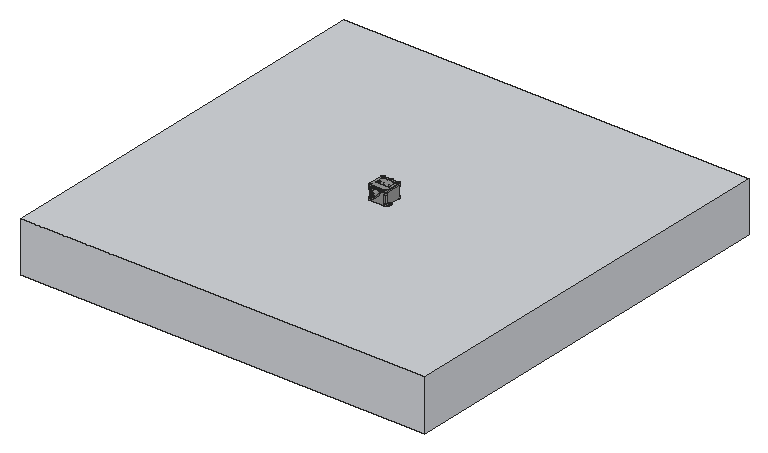
Revit family "Hekatron_Feststellanlagen_HC-100 M-H_DE_22.01", category Brandmelder, Revit 2018
Family settings
  Basisbauteil = Fläche
  Beschriftungsausrichtung beibehalten = Ja
  Bemaßung runder Anschluss = Durchmesser verwenden
  Teiletyp = Normal
  OmniClass-Nummer = 23.85.30.21
  OmniClass-Titel = Environmental Detection/Registration
  Beim Laden mit Abzugskörper schneiden = Nein
  Gemeinsam genutzt = Nein
  Raumberechnungspunkt = Nein
Parameters (values of type "HC-100 M-H")
  Zulässige Umgebungstemperatur = " +20 °C bis +55 °C"
  Zulässige Luftgeschwindigkeit = ""
  Zulassungen nach EN 54 = ""
  Width [instance] = 110 mm
  Version des BIM Objektes = "22.01"
  VdS-Anerkennung = ""
  URL = "https://www.hekatron-brandschutz.de"
  UB A&S Artikel Nummer = "6900329"
  Typenkommentare = "Messfühler Exdetector HC-100 M-H"
  Tiefe (mm) = "110.0"
  Stromaufnahme = ""
  Schutzart = "IP 54"
  Rauchteil einstellbar = ""
  Nettogewicht (g) = ""
  Montageart = "Aufputz"
  Modell = "HC-100 M-H"
  Material = "Edelstahl / Aluminium"
  Link zum Datenblatt = ""
  Link zu ausschreiben.de = "http://www.ausschreiben.de/katalog/Hekatron/position/120"
  Link zu Produktinformation = "https://www.hekatron-planungstools.de/Produktinfo/HC-100_M-H.PDF"
  Link zu Ausschreibungstext = "https://www.meinhplus.de/login"
  Leistungserklärung (DoP) = ""
  Lautstärke DIN-Ton (dB) = ""
  Kabeleinführung = "oben"
  Höhe (mm) = "170.0"
  Hersteller = "Hekatron"
  Heigth [instance] = 110 mm
  Funktionsprinzip = ""
  Farbe = "Metall"
  Ex-Zonen = "1, 2"
  Einstellung Temperaturklasse nach EN 54-5 = ""
  Einstellung Temperaturindex nach EN 54-5 = ""
  Einstellung Rauchempfindlichkeit nach EN 54-20 = ""
  Einstellen Rauchempfindlichkeit nach EN 54-7 = ""
  EG-Konformitätszertifikat / Zertifikat der Leistungsbeständigkeit = ""
  Durchmesser (mm) = ""
  Depth [instance] = 83.33 mm
  Vorgabe-Ansicht = 1200 mm
  Breite (mm) = "85.0"
  Betriebsspannung = "24 V DC"
  Beschreibung = "Gasmessühler für die Wandmontage in den Ex- Bereichen der Zonen 1 und 2. Der Messfühler erfasst explosionsfähige Gase und Dämpfe und arbeitet nach dem Prinzip der Wärmetönung."
  Bauartgenehmigungen = ""
  Anzahl Ansaugleitungen = ""
  Ansprechtemperatur = ""
  Alarm- & Empfindlichkeitsbereich = ""
Reference planes
  plane 1 "Center (Front/Back)": y = 0
  plane 2: z = 0
  plane 3 "Center (Left/Right)": x = 0
Forms (mm)
  Extrusion 1, solid
    sketch origin (0, 0, 0) x (1, 0, 0) y (0, 1, 0)
      loop
        line (-1219.2, 1219.2) -> (-1219.2, -1219.2) -> (1219.2, -1219.2) -> (1219.2, 1219.2) -> (-1219.2, 1219.2)
    from 0 to -304.8
  Extrusion 2, solid, material "Iron, Cast"
    sketch origin (0, 0, 0) x (1, 0, 0) y (0, 1, 0)
      loop
        arc (-47, 55) -> (-52.657, 52.657) -> (-55, 47) r 8
        line (-55, 47) -> (-55, -47)
        arc (-55, -47) -> (-52.657, -52.657) -> (-47, -55) r 8
        line (-47, -55) -> (47, -55)
        arc (47, -55) -> (52.663, -52.651) -> (55, -46.982) r 8
        line (55, -46.982) -> (55, 46.982)
        arc (55, 46.982) -> (52.663, 52.651) -> (47, 55) r 8
        line (47, 55) -> (-47, 55)
      loop
        line (51.5, -37.296) -> (51.5, 37.296)
        arc (51.5, 37.296) -> (39.75, 39.75) -> (37.296, 51.5) r 10.96
        line (37.296, 51.5) -> (-37.296, 51.5)
        arc (-37.296, 51.5) -> (-39.75, 39.75) -> (-51.5, 37.296) r 10.96
        line (-51.5, 37.296) -> (-51.5, -37.296)
        arc (-51.5, -37.296) -> (-39.75, -39.75) -> (-37.296, -51.5) r 10.96
        line (-37.296, -51.5) -> (37.296, -51.5)
        arc (37.296, -51.5) -> (39.75, -39.75) -> (51.5, -37.296) r 10.96
      loop
        circle (-47, 47) r 3.1
      loop
        circle (47, 47) r 3.1
      loop
        circle (-47, -47) r 3.1
      loop
        circle (47, -47) r 3.1
    from 1 to 73
  Extrusion 3, solid, material "Iron, Cast"
    sketch origin (0, 0, 0) x (1, 0, 0) y (0, 1, 0)
      loop
        arc (-37.296, 51.5) -> (-39.75, 39.75) -> (-51.5, 37.296) r 10.96
        line (-51.5, 37.296) -> (-51.5, -37.296)
        arc (-51.5, -37.296) -> (-39.75, -39.75) -> (-37.296, -51.5) r 10.96
        line (-37.296, -51.5) -> (37.296, -51.5)
        arc (37.296, -51.5) -> (39.75, -39.75) -> (51.5, -37.296) r 10.96
        line (51.5, -37.296) -> (51.5, 37.296)
        arc (51.5, 37.296) -> (39.75, 39.75) -> (37.296, 51.5) r 10.96
        line (37.296, 51.5) -> (-37.296, 51.5)
    from 1 to 4.5
  Extrusion 4, void
    sketch origin (0, 0, 0) x (1, 0, 0) y (0, 1, 0)
      loop
        line (-60.046, 40.046) -> (-47.75, 40.046)
        arc (-47.75, 40.046) -> (-42.406, 42.052) -> (-40.046, 47.25) r 7.458
        line (-40.046, 47.25) -> (-40.046, 60.9) -> (-60.046, 60.9) -> (-60.046, 40.046)
      loop
        line (60.046, 40.046) -> (60.046, 60.9) -> (40.046, 60.9) -> (40.046, 47.25)
        arc (40.046, 47.25) -> (42.406, 42.052) -> (47.75, 40.046) r 7.458
        line (47.75, 40.046) -> (60.046, 40.046)
      loop
        line (-60.046, -40.046) -> (-60.046, -60.9) -> (-40.046, -60.9) -> (-40.046, -47.25)
        arc (-40.046, -47.25) -> (-42.406, -42.052) -> (-47.75, -40.046) r 7.458
        line (-47.75, -40.046) -> (-60.046, -40.046)
      loop
        line (60.046, -40.046) -> (47.75, -40.046)
        arc (47.75, -40.046) -> (42.406, -42.052) -> (40.046, -47.25) r 7.458
        line (40.046, -47.25) -> (40.046, -60.9) -> (60.046, -60.9) -> (60.046, -40.046)
    from 8.5 to 63
  Extrusion 5, solid
    sketch origin (0, 0, 0) x (1, 0, 0) y (0, 1, 0)
      loop
        circle (-47, 47) r 8
      loop
        circle (-47, 47) r 3.1
      loop
        circle (47, 47) r 8
      loop
        circle (47, 47) r 3.1
      loop
        circle (-47, -47) r 8
      loop
        circle (-47, -47) r 3.1
      loop
        circle (47, -47) r 8
      loop
        circle (47, -47) r 3.1
    from 0 to 1
  Extrusion 6, solid, material "Iron, Cast"
    sketch origin (0, 0, 0) x (1, 0, 0) y (0, 1, 0)
      loop
        arc (-51.998, -40.754) -> (-52.658, -52.656) -> (-40.755, -52) r 8
        line (-40.755, -52) -> (40.755, -52)
        arc (40.755, -52) -> (52.658, -52.656) -> (51.998, -40.754) r 8
        line (51.998, -40.754) -> (51.998, 40.754)
        arc (51.998, 40.754) -> (52.658, 52.656) -> (40.755, 52) r 8
        line (40.755, 52) -> (-40.755, 52)
        arc (-40.755, 52) -> (-52.658, 52.656) -> (-51.998, 40.754) r 8
        line (-51.998, 40.754) -> (-51.998, -40.754)
      loop
        circle (-47, 47) r 3.1
      loop
        circle (47, 47) r 3.1
      loop
        circle (-47, -47) r 3.1
      loop
        circle (47, -47) r 3.1
    from 78.93 to 82.83
  Extrusion 7, solid, material "Iron, Cast"
    sketch origin (0, 0, 0) x (1, 0, 0) y (0, 1, 0)
      loop
        line (-55, 47) -> (-55, -47)
        arc (-55, -47) -> (-52.657, -52.657) -> (-47, -55) r 8
        line (-47, -55) -> (47, -55)
        arc (47, -55) -> (52.663, -52.651) -> (55, -46.982) r 8
        line (55, -46.982) -> (55, 46.982)
        arc (55, 46.982) -> (52.663, 52.651) -> (47, 55) r 8
        line (47, 55) -> (-47, 55)
        arc (-47, 55) -> (-52.657, 52.657) -> (-55, 47) r 8
    from 73 to 78.93
  Extrusion 8, void
    sketch origin (0, 0, 0) x (1, 0, 0) y (0, 1, 0)
      loop
        circle (-46.998, 47) r 5
      loop
        circle (46.998, 47) r 5
      loop
        circle (-46.998, -47) r 5
      loop
        circle (46.998, -47) r 5
    from 80.83 to 86.106
  Extrusion 9, solid, material "Iron, Cast"
    sketch origin (0, 0, 0) x (1, 0, 0) y (0, 1, 0)
      loop
        line (-38.82, 37.82) -> (-38.82, -12.18) -> (38.18, -12.18) -> (38.18, 37.82) -> (-38.82, 37.82)
      loop
        line (-37.192, 33.907) -> (25.808, 33.907) -> (25.808, 34.907) -> (-37.192, 34.907) -> (-37.192, 33.907)
      loop
        line (36.808, 0.907) -> (36.808, 1.907) -> (-37.192, 1.907) -> (-37.192, 0.907) -> (36.808, 0.907)
    from 82.83 to 83.33
  Extrusion 10, solid, material "Stainless Steel, Polished"
    sketch origin (0, 0, 0) x (1, 0, 0) y (0, 0, 1)
      loop
        circle (-0.017, 56.006) r 15
    from 55 to 91.68
  Extrusion 11, void
    sketch origin (0, 0, 0) x (1, 0, 0) y (0, 0, 1)
      loop
        circle (-0.017, 56.006) r 10
    from 85.68 to 95.905
  Extrusion 12, solid, material "Stainless Steel, Polished"
    sketch origin (0, 0, 0) x (1, 0, 0) y (0, 0, 1)
      loop
        line (0, 61.014) -> (6, 61.014) -> (6, 69.014) -> (0, 69.014) -> (0, 61.014)
    from -55.8 to -55
  Extrusion 13, solid, material "Stainless Steel, Polished"
    sketch origin (0, 0, 0) x (1, 0, 0) y (0, 0, 1)
      loop
        arc (22.725, 64.969) -> (22, 64.995) -> (21.275, 64.969) r 10.258
        line (21.275, 64.969) -> (13.725, 60.61)
        arc (13.725, 60.61) -> (13.34, 59.995) -> (13, 59.354) r 10.258
        line (13, 59.354) -> (13, 50.636)
        arc (13, 50.636) -> (13.34, 49.996) -> (13.725, 49.381) r 10.258
        line (13.725, 49.381) -> (21.275, 45.022)
        arc (21.275, 45.022) -> (22, 44.996) -> (22.725, 45.022) r 10.258
        line (22.725, 45.022) -> (30.275, 49.381)
        arc (30.275, 49.381) -> (30.66, 49.996) -> (31, 50.636) r 10.258
        line (31, 50.636) -> (31, 59.354)
        arc (31, 59.354) -> (30.66, 59.995) -> (30.275, 60.61) r 10.258
        line (30.275, 60.61) -> (22.725, 64.969)
    from -57.8 to -55
  Extrusion 14, solid, material "Stainless Steel, Polished"
    sketch origin (0, 0, 0) x (1, 0, 0) y (0, 0, 1)
      loop
        line (24.241, 63.36) -> (15.876, 61.119) -> (13.635, 52.754) -> (19.759, 46.63) -> (28.124, 48.872) -> (30.365, 57.237) -> (24.241, 63.36)
    from -70.1 to -65.9
  Extrusion 15, solid, material "Stainless Steel, Polished"
    sketch origin (0, 0, 0) x (1, 0, 0) y (0, 0, 1)
      loop
        arc (28.7, 56.157) -> (15.2, 54.995) -> (28.7, 53.833) r 6.8
        line (28.7, 53.833) -> (28.7, 56.157)
    from -65.9 to -59.9
  Extrusion 16, solid, material "Stainless Steel, Polished"
    sketch origin (0, 0, 0) x (1, 0, 0) y (0, 0, 1)
      loop
        circle (22, 54.995) r 7.6
    from -59.2 to -57.8
  Blend 17, solid, material "Stainless Steel, Polished"
    base sketch origin (0, 0, 0) x (1, 0, 0) y (0, 0, 1)
      loop
        arc (28.7, 58.583) -> (14.4, 54.995) -> (28.7, 51.408) r 7.6
        line (28.7, 51.408) -> (28.7, 58.583)
    top sketch origin (0, 0, 0) x (1, 0, 0) y (0, 0, 1)
      loop
        arc (28.7, 56.157) -> (15.2, 54.995) -> (28.7, 53.833) r 6.8
        line (28.7, 53.833) -> (28.7, 56.157)
    from -59.2 to -59.9
  Extrusion 18, void
    sketch origin (0, 0, 0) x (1, 0, 0) y (0, 0, 1)
      loop
        line (28.7, 59.367) -> (28.7, 50.745) -> (31.472, 50.745) -> (31.472, 59.367) -> (28.7, 59.367)
    from -65.9 to -57.8
  Extrusion 19, solid, material "Stainless Steel, Polished"
    sketch origin (0, 0, 0) x (1, 0, 0) y (0, 0, 1)
      loop
        circle (22, 54.995) r 3.5
    from -70.1 to -72.1
  Extrusion 20, solid, material "Stainless Steel, Polished"
    sketch origin (0, 0, 0) x (1, 0, 0) y (0, 0, 1)
      loop
        circle (22, 54.995) r 1.5
    from -72.1 to -74.1
  Extrusion 21, solid, material "Stainless Steel, Polished"
    sketch origin (0, 4, 0) x (1, 0, 0) y (0, 0, 1)
      loop
        circle (22, 54.995) r 3.5
    from -70.1 to -72.1
  Extrusion 22, solid, material "Stainless Steel, Polished"
    sketch origin (19, 17.4, -11.019) x (1, 0, 0) y (0, 0, 1)
      loop
        line (0, 61.014) -> (6, 61.014) -> (6, 69.014) -> (0, 69.014) -> (0, 61.014)
    from -55.8 to -55
  Extrusion 23, solid, material "Stainless Steel, Polished"
    sketch origin (0.014, -0.01, 0) x (1, 0, 0) y (0, 1, 0)
      loop
        circle (21.986, 73.911) r 1.5
    from 41.995 to 51.495
  Extrusion 24, solid, material "Stainless Steel, Polished"
    sketch origin (-18.987, -17.411, 11.147) x (1, 0, 0) y (0, 1, 0)
      loop
        circle (21.986, 73.911) r 1.5
    from 41.995 to 51.367
  Extrusion 25, solid, material "Stainless Steel, Polished"
    sketch origin (0, 0, 0) x (1, 0, 0) y (0, 1, 0)
      loop
        circle (-47, 47) r 4.25
      loop
        line (-49.231, 47.598) -> (-48.633, 45.367) -> (-46.402, 44.769) -> (-44.769, 46.402) -> (-45.367, 48.633) -> (-47.598, 49.231) -> (-49.231, 47.598)
    from 80.83 to 82.83
  Extrusion 26, solid, material "Stainless Steel, Polished"
    sketch origin (0, 0, 0) x (1, 0, 0) y (0, 1, 0)
      loop
        circle (-46.998, 47) r 2.75
    from 78.93 to 80.83
  Extrusion 27, solid, material "Stainless Steel, Polished"
    sketch origin (0, 0, 0) x (-1, 0, 0) y (0, -1, 0)
      loop
        circle (-47, -47) r 4.25
      loop
        line (-49.231, -47.598) -> (-47.598, -49.231) -> (-45.367, -48.633) -> (-44.769, -46.402) -> (-46.402, -44.769) -> (-48.633, -45.367) -> (-49.231, -47.598)
    from 80.83 to 82.83
  Extrusion 28, solid, material "Stainless Steel, Polished"
    sketch origin (0, 0, 0) x (-1, 0, 0) y (0, -1, 0)
      loop
        circle (-46.998, -47) r 2.75
    from 78.93 to 80.83
  Extrusion 29, solid, material "Stainless Steel, Polished"
    sketch origin (0, 0, 0) x (-1, 0, 0) y (0, -1, 0)
      loop
        circle (-47, 47) r 4.25
      loop
        line (-49.231, 47.598) -> (-48.633, 45.367) -> (-46.402, 44.769) -> (-44.769, 46.402) -> (-45.367, 48.633) -> (-47.598, 49.231) -> (-49.231, 47.598)
    from 80.83 to 82.83
  Extrusion 30, solid, material "Stainless Steel, Polished"
    sketch origin (0, 0, 0) x (-1, 0, 0) y (0, -1, 0)
      loop
        circle (-46.998, 47) r 2.75
    from 78.93 to 80.83
  Extrusion 31, solid, material "Stainless Steel, Polished"
    sketch origin (0, 0, 0) x (1, 0, 0) y (0, 1, 0)
      loop
        circle (-47, -47) r 4.25
      loop
        line (-49.231, -47.598) -> (-47.598, -49.231) -> (-45.367, -48.633) -> (-44.769, -46.402) -> (-46.402, -44.769) -> (-48.633, -45.367) -> (-49.231, -47.598)
    from 80.83 to 82.83
  Extrusion 32, solid, material "Stainless Steel, Polished"
    sketch origin (0, 0, 0) x (1, 0, 0) y (0, 1, 0)
      loop
        circle (-46.998, -47) r 2.75
    from 78.93 to 80.83
  Extrusion 33, solid, material "Iron, Cast"
    sketch origin (0, 0, 0) x (1, 0, 0) y (0, 1, 0)
      loop
        line (61.5, -38.1) -> (61.5, -27)
        arc (61.5, -27) -> (61.207, -26.293) -> (60.5, -26) r 1
        line (60.5, -26) -> (55.5, -26) -> (55.5, -27.5) -> (53.985, -27.5) -> (53.985, -37.5) -> (55.5, -37.5) -> (55.5, -39) -> (60.6, -39)
        arc (60.6, -39) -> (61.236, -38.736) -> (61.5, -38.1) r 0.9
    from 2.012 to 12.012
  Extrusion 34, solid, material "Iron, Cast"
    sketch origin (0, 0, 0) x (0, 1, 0) y (0, 0, 1)
      loop
        circle (-32.55, 7.012) r 4.4
    from 61.491 to 62.791
  Extrusion 35, solid, material "Stainless Steel, Polished"
    sketch origin (0, 0, 0) x (0, 1, 0) y (0, 0, 1)
      loop
        circle (-32.55, 7.012) r 4.2
    from 62.791 to 66.091
  Extrusion 36, void
    sketch origin (0, 0, 0) x (0, 1, 0) y (0, 0, 1)
      loop
        line (-32.15, 12.012) -> (-32.95, 12.012) -> (-32.95, 2.012) -> (-32.15, 2.012) -> (-32.15, 12.012)
    from 64.391 to 68.586
  Extrusion 37, solid, material "Stainless Steel, Polished"
    sketch origin (0, 0, 0) x (1, 0, 0) y (0, 0, 1)
      loop
        arc (-22.618, 66.995) -> (-23.63, 66.478) -> (-24.583, 65.861) r 11.082
        line (-24.583, 65.861) -> (-30.201, 56.13)
        arc (-30.201, 56.13) -> (-30.26, 54.995) -> (-30.201, 53.861) r 11.082
        line (-30.201, 53.861) -> (-24.583, 44.13)
        arc (-24.583, 44.13) -> (-23.63, 43.512) -> (-22.618, 42.995) r 11.082
        line (-22.618, 42.995) -> (-11.382, 42.995)
        arc (-11.382, 42.995) -> (-10.37, 43.512) -> (-9.417, 44.13) r 11.082
        line (-9.417, 44.13) -> (-3.799, 53.861)
        arc (-3.799, 53.861) -> (-3.74, 54.995) -> (-3.799, 56.13) r 11.082
        line (-3.799, 56.13) -> (-9.417, 65.861)
        arc (-9.417, 65.861) -> (-10.37, 66.478) -> (-11.382, 66.995) r 11.082
        line (-11.382, 66.995) -> (-22.618, 66.995)
    from -58.854 to -55
  Extrusion 38, solid, material "Stainless Steel, Polished"
    sketch origin (0, 0, 0) x (1, 0, 0) y (0, 0, 1)
      loop
        circle (-17, 54.995) r 11.25
      loop
        circle (-17, 54.995) r 9.45
    from -66.244 to -58.854
  Extrusion 39, solid, material "Stainless Steel, Polished"
    sketch origin (0, 0, 0) x (1, 0, 0) y (0, 0, 1)
      loop
        circle (-17, 54.932) r 11.9
      loop
        circle (-17, 54.932) r 11
    from -70.244 to -66.244
  Extrusion 40, solid, material "Stainless Steel, Polished"
    sketch origin (0, 15.244, 0) x (1, 0, 0) y (0, 0, 1)
      loop
        arc (-22.618, 66.995) -> (-23.63, 66.478) -> (-24.583, 65.861) r 11.082
        line (-24.583, 65.861) -> (-30.201, 56.13)
        arc (-30.201, 56.13) -> (-30.26, 54.995) -> (-30.201, 53.861) r 11.082
        line (-30.201, 53.861) -> (-24.583, 44.13)
        arc (-24.583, 44.13) -> (-23.63, 43.512) -> (-22.618, 42.995) r 11.082
        line (-22.618, 42.995) -> (-11.382, 42.995)
        arc (-11.382, 42.995) -> (-10.37, 43.512) -> (-9.417, 44.13) r 11.082
        line (-9.417, 44.13) -> (-3.799, 53.861)
        arc (-3.799, 53.861) -> (-3.74, 54.995) -> (-3.799, 56.13) r 11.082
        line (-3.799, 56.13) -> (-9.417, 65.861)
        arc (-9.417, 65.861) -> (-10.37, 66.478) -> (-11.382, 66.995) r 11.082
        line (-11.382, 66.995) -> (-22.618, 66.995)
      loop
        circle (-17, 54.995) r 11
    from -59 to -55
  Extrusion 41, solid, material "Stainless Steel, Polished"
    sketch origin (0, 16.203, 0) x (1, 0, 0) y (0, 0, 1)
      loop
        circle (-17, 54.932) r 11.9
      loop
        circle (-17, 54.932) r 11
    from -59.65 to -58.04
  Revolve 42, solid, material "Stainless Steel, Polished"
    sketch origin (-17, 0, 0) x (0, 1, 0) y (0, 0, 1)
      loop
        arc (75.854, 65.932) -> (77.736, 65.483) -> (79.144, 64.155) r 3.748
        line (79.144, 64.155) -> (79.144, 62.144)
        arc (79.144, 62.144) -> (79.78, 62.408) -> (80.044, 63.044) r 0.9
        line (80.044, 63.044) -> (80.044, 64.396)
        arc (80.044, 64.396) -> (78.291, 66.203) -> (75.854, 66.832) r 4.648
        line (75.854, 66.832) -> (75.854, 65.932)
      axis (75.854, 54.932) -> (80.044, 54.932)
    angle from 0 to 360
Cuts and joins
  Extrusion 4 cuts Extrusion 2
  joined: Extrusion 2, Extrusion 3, Extrusion 33, Extrusion 34
  Extrusion 8 cuts Extrusion 6
  joined: Extrusion 6, Extrusion 7
  Extrusion 11 cuts Extrusion 10
  Extrusion 18 cuts Extrusion 16
  joined: Extrusion 15, Blend 17
  joined: Extrusion 12, Extrusion 24
  joined: Extrusion 22, Extrusion 23
  joined: Extrusion 25, Extrusion 26
  Extrusion 36 cuts Extrusion 35
  joined: Extrusion 38, Extrusion 39
  joined: Extrusion 41, Revolve 42
Dimensions and locks
  "Width": cut or joined group of Extrusion 6, Extrusion 7, Extrusion 8 to cut or joined group of Extrusion 6, Extrusion 7, Extrusion 8
  "Heigth": cut or joined group of Extrusion 6, Extrusion 7, Extrusion 8 to cut or joined group of Extrusion 6, Extrusion 7, Extrusion 8
  "Depth": Extrusion 9 to Extrusion 1
  aligned and locked: plane 2 to Extrusion 1
  aligned and locked: level to Extrusion 1
Automatic sketch dimensions
  Extrusion 1 sketch curve to Extrusion 1 sketch curve = 2438.4 mm  (x2)
  Extrusion 2 sketch curve to plane 3 "Center (Left/Right)" = 55 mm
  Extrusion 2 sketch curve to Extrusion 2 sketch curve = 3.5 mm
  Extrusion 2 sketch curve to Extrusion 2 sketch curve = 7.5 mm  (x3)
  Extrusion 2 sketch curve to Extrusion 2 sketch curve = 0.5 mm  (x8)
  Extrusion 2 sketch curve to Extrusion 2 sketch curve = 0 mm  (x10)
  Extrusion 2 sketch curve to Extrusion 2 sketch curve = 9.704 mm  (x4)
  plane 3 "Center (Left/Right)" to Extrusion 2 sketch curve = 37.296 mm  (x2)
  Extrusion 2 sketch curve to Extrusion 2 sketch curve = 4.5 mm
  plane 1 "Center (Front/Back)" to Extrusion 2 sketch curve = 51.5 mm
  Extrusion 2 sketch curve to Extrusion 2 sketch curve = 4 mm  (x2)
  Extrusion 2 sketch curve to Extrusion 2 sketch curve = 0.518 mm
  Extrusion 2 sketch curve to plane 1 "Center (Front/Back)" = 37.296 mm  (x2)
  Extrusion 2 sketch curve to Extrusion 2 sketch curve = 9.686 mm
  Extrusion 2 sketch curve to Extrusion 2 sketch curve = 0.018 mm
  Extrusion 3 sketch curve to plane 3 "Center (Left/Right)" = 51.5 mm
  Extrusion 3 sketch curve to Extrusion 3 sketch curve = 4 mm  (x5)
  Extrusion 3 sketch curve to Extrusion 3 sketch curve = 10.204 mm  (x5)
  plane 3 "Center (Left/Right)" to Extrusion 3 sketch curve = 37.296 mm  (x2)
  plane 1 "Center (Front/Back)" to Extrusion 3 sketch curve = 51.5 mm
  Extrusion 3 sketch curve to plane 1 "Center (Front/Back)" = 37.296 mm  (x2)
  Extrusion 4 sketch curve to plane 3 "Center (Left/Right)" = 60.046 mm  (x2)
  Extrusion 4 sketch curve to Extrusion 4 sketch curve = 12.296 mm  (x4)
  Extrusion 4 sketch curve to Extrusion 4 sketch curve = 0.25 mm  (x6)
  Extrusion 4 sketch curve to Extrusion 4 sketch curve = 7.454 mm  (x4)
  plane 3 "Center (Left/Right)" to Extrusion 4 sketch curve = 40.046 mm  (x2)
  plane 1 "Center (Front/Back)" to Extrusion 4 sketch curve = 60.9 mm  (x2)
  Extrusion 4 sketch curve to Extrusion 4 sketch curve = 13.4 mm  (x2)
  Extrusion 4 sketch curve to plane 1 "Center (Front/Back)" = 40.046 mm  (x2)
  Extrusion 4 sketch curve to Extrusion 4 sketch curve = 7.204 mm  (x2)
  Extrusion 4 sketch curve to Extrusion 4 sketch curve = 13.65 mm  (x2)
  Extrusion 5 sketch curve to Extrusion 5 sketch curve = 0 mm  (x16)
  Extrusion 5 sketch curve to plane 3 "Center (Left/Right)" = 47 mm  (x2)
  plane 3 "Center (Left/Right)" to Extrusion 5 sketch curve = 47 mm  (x2)
  plane 1 "Center (Front/Back)" to Extrusion 5 sketch curve = 47 mm  (x2)
  Extrusion 5 sketch curve to plane 1 "Center (Front/Back)" = 47 mm  (x2)
  Extrusion 5 sketch curve to Extrusion 5 sketch curve = 3.1 mm  (x4)
  Extrusion 6 sketch curve to Extrusion 6 sketch curve = 0 mm  (x16)
  Extrusion 6 sketch curve to plane 3 "Center (Left/Right)" = 51.998 mm
  Extrusion 6 sketch curve to Extrusion 6 sketch curve = 4.998 mm  (x3)
  Extrusion 6 sketch curve to Extrusion 6 sketch curve = 6.245 mm  (x4)
  plane 3 "Center (Left/Right)" to Extrusion 6 sketch curve = 40.755 mm  (x2)
  plane 1 "Center (Front/Back)" to Extrusion 6 sketch curve = 52 mm
  Extrusion 6 sketch curve to Extrusion 6 sketch curve = 5 mm  (x2)
  Extrusion 6 sketch curve to plane 1 "Center (Front/Back)" = 40.754 mm  (x2)
  Extrusion 6 sketch curve to Extrusion 6 sketch curve = 6.246 mm
  Extrusion 6 sketch curve to Extrusion 6 sketch curve = 3.1 mm  (x4)
  Extrusion 7 sketch curve to plane 3 "Center (Left/Right)" = 55 mm
  Extrusion 7 sketch curve to Extrusion 7 sketch curve = 8 mm  (x3)
  plane 3 "Center (Left/Right)" to Extrusion 7 sketch curve = 47 mm  (x2)
  plane 1 "Center (Front/Back)" to Extrusion 7 sketch curve = 47 mm  (x2)
  Extrusion 7 sketch curve to Extrusion 7 sketch curve = 0.018 mm
  Extrusion 7 sketch curve to plane 1 "Center (Front/Back)" = 46.982 mm
  Extrusion 7 sketch curve to plane 1 "Center (Front/Back)" = 47 mm
  Extrusion 7 sketch curve to Extrusion 7 sketch curve = 0 mm  (x3)
  Extrusion 8 sketch curve to Extrusion 8 sketch curve = 0 mm  (x8)
  Extrusion 8 sketch curve to plane 3 "Center (Left/Right)" = 46.998 mm  (x2)
  plane 3 "Center (Left/Right)" to Extrusion 8 sketch curve = 46.998 mm  (x2)
  plane 1 "Center (Front/Back)" to Extrusion 8 sketch curve = 47 mm  (x2)
  Extrusion 8 sketch curve to plane 1 "Center (Front/Back)" = 47 mm  (x2)
  Extrusion 8 sketch curve to Extrusion 8 sketch curve = 5 mm  (x4)
  plane 1 "Center (Front/Back)" to Extrusion 9 sketch curve = 12.18 mm
  Extrusion 9 sketch curve to plane 3 "Center (Left/Right)" = 38.82 mm
  Extrusion 9 sketch curve to plane 1 "Center (Front/Back)" = 1.907 mm
  Extrusion 9 sketch curve to Extrusion 9 sketch curve = 1.628 mm  (x2)
  plane 3 "Center (Left/Right)" to Extrusion 9 sketch curve = 25.808 mm
  Extrusion 9 sketch curve to plane 1 "Center (Front/Back)" = 0.907 mm
  Extrusion 9 sketch curve to Extrusion 9 sketch curve = 11 mm
  Extrusion 9 sketch curve to Extrusion 9 sketch curve = 12.372 mm
  Extrusion 9 sketch curve to Extrusion 9 sketch curve = 32 mm
  Extrusion 9 sketch curve to Extrusion 9 sketch curve = 1 mm
  Extrusion 9 sketch curve to Extrusion 9 sketch curve = 2.913 mm
  Extrusion 10 sketch curve to Extrusion 10 sketch curve = 0 mm  (x2)
  Extrusion 10 sketch curve to plane 3 "Center (Left/Right)" = 0.017 mm
  level to Extrusion 10 sketch curve = 56.006 mm
  Extrusion 10 sketch curve to Extrusion 10 sketch curve = 15 mm
  Extrusion 11 sketch curve to Extrusion 11 sketch curve = 0 mm  (x2)
  Extrusion 11 sketch curve to plane 3 "Center (Left/Right)" = 0.017 mm
  level to Extrusion 11 sketch curve = 56.006 mm
  Extrusion 11 sketch curve to Extrusion 11 sketch curve = 10 mm
  Extrusion 12 sketch curve to plane 3 "Center (Left/Right)" = 0 mm
  plane 3 "Center (Left/Right)" to Extrusion 12 sketch curve = 6 mm
  level to Extrusion 12 sketch curve = 61.014 mm
  Extrusion 12 sketch curve to Extrusion 12 sketch curve = 8 mm
  plane 3 "Center (Left/Right)" to Extrusion 13 sketch curve = 13 mm
  Extrusion 13 sketch curve to Extrusion 13 sketch curve = 0.725 mm  (x3)
  Extrusion 13 sketch curve to Extrusion 13 sketch curve = 7.55 mm  (x4)
  Extrusion 13 sketch curve to Extrusion 13 sketch curve = 8.776 mm
  Extrusion 13 sketch curve to Extrusion 13 sketch curve = 0 mm  (x2)
  Extrusion 13 sketch curve to Extrusion 13 sketch curve = 0.224 mm  (x3)
  Extrusion 13 sketch curve to Extrusion 13 sketch curve = 1.45 mm  (x2)
  level to Extrusion 13 sketch curve = 45.022 mm
  Extrusion 13 sketch curve to Extrusion 13 sketch curve = 4.359 mm  (x3)
  Extrusion 13 sketch curve to Extrusion 13 sketch curve = 1.256 mm  (x2)
  Extrusion 13 sketch curve to Extrusion 13 sketch curve = 0.388 mm
  Extrusion 13 sketch curve to Extrusion 13 sketch curve = 0.259 mm  (x2)
  Extrusion 13 sketch curve to Extrusion 13 sketch curve = 0.129 mm
  Extrusion 13 sketch curve to Extrusion 13 sketch curve = 8.718 mm  (x2)
  plane 3 "Center (Left/Right)" to Extrusion 14 sketch curve = 13.635 mm
  Extrusion 14 sketch curve to Extrusion 14 sketch curve = 2.241 mm  (x3)
  Extrusion 14 sketch curve to Extrusion 14 sketch curve = 6.124 mm  (x3)
  Extrusion 14 sketch curve to Extrusion 14 sketch curve = 8.365 mm  (x4)
  level to Extrusion 14 sketch curve = 46.63 mm
  plane 3 "Center (Left/Right)" to Extrusion 15 sketch curve = 22 mm
  Extrusion 15 sketch curve to Extrusion 15 sketch curve = 6.7 mm
  level to Extrusion 15 sketch curve = 53.833 mm
  Extrusion 15 sketch curve to Extrusion 15 sketch curve = 1.162 mm
  plane 3 "Center (Left/Right)" to Extrusion 16 sketch curve = 22 mm
  level to Extrusion 16 sketch curve = 54.995 mm
  plane 3 "Center (Left/Right)" to Blend 17 sketch curve = 22 mm  (x2)
  Blend 17 sketch curve to Blend 17 sketch curve = 6.7 mm  (x2)
  level to Blend 17 sketch curve = 51.408 mm
  Blend 17 sketch curve to Blend 17 sketch curve = 3.587 mm
  level to Blend 17 sketch curve = 53.833 mm
  Blend 17 sketch curve to Blend 17 sketch curve = 1.162 mm
  plane 3 "Center (Left/Right)" to Extrusion 18 sketch curve = 28.7 mm
  Extrusion 18 sketch curve to Extrusion 18 sketch curve = 2.772 mm
  level to Extrusion 18 sketch curve = 50.745 mm
  Extrusion 18 sketch curve to Extrusion 18 sketch curve = 8.623 mm
  plane 3 "Center (Left/Right)" to Extrusion 19 sketch curve = 22 mm
  level to Extrusion 19 sketch curve = 54.995 mm
  plane 3 "Center (Left/Right)" to Extrusion 20 sketch curve = 22 mm
  level to Extrusion 20 sketch curve = 54.995 mm
  plane 3 "Center (Left/Right)" to Extrusion 21 sketch curve = 22 mm
  level to Extrusion 21 sketch curve = 54.995 mm
  plane 3 "Center (Left/Right)" to Extrusion 22 sketch curve = 19 mm
  Extrusion 22 sketch curve to Extrusion 22 sketch curve = 6 mm
  level to Extrusion 22 sketch curve = 49.995 mm
  Extrusion 22 sketch curve to Extrusion 22 sketch curve = 8 mm
  plane 3 "Center (Left/Right)" to Extrusion 23 sketch curve = 22 mm
  Extrusion 23 sketch curve to plane 1 "Center (Front/Back)" = 73.9 mm
  plane 3 "Center (Left/Right)" to Extrusion 24 sketch curve = 3 mm
  Extrusion 24 sketch curve to plane 1 "Center (Front/Back)" = 56.5 mm
  Extrusion 25 sketch curve to Extrusion 25 sketch curve = 0 mm  (x2)
  Extrusion 25 sketch curve to plane 3 "Center (Left/Right)" = 49.231 mm
  Extrusion 25 sketch curve to Extrusion 25 sketch curve = 0.598 mm  (x5)
  Extrusion 25 sketch curve to Extrusion 25 sketch curve = 1.633 mm  (x5)
  Extrusion 25 sketch curve to Extrusion 25 sketch curve = 2.231 mm  (x2)
  Extrusion 25 sketch curve to plane 1 "Center (Front/Back)" = 44.769 mm
  Extrusion 25 sketch curve to Extrusion 25 sketch curve = 2.019 mm
  Extrusion 26 sketch curve to Extrusion 26 sketch curve = 0 mm  (x2)
  Extrusion 26 sketch curve to plane 3 "Center (Left/Right)" = 46.998 mm
  Extrusion 26 sketch curve to plane 1 "Center (Front/Back)" = 47 mm
  Extrusion 26 sketch curve to Extrusion 26 sketch curve = 2.75 mm
  Extrusion 27 sketch curve to Extrusion 27 sketch curve = 0 mm  (x2)
  Extrusion 27 sketch curve to plane 3 "Center (Left/Right)" = 49.231 mm
  Extrusion 27 sketch curve to Extrusion 27 sketch curve = 0.598 mm  (x5)
  Extrusion 27 sketch curve to Extrusion 27 sketch curve = 1.633 mm  (x5)
  Extrusion 27 sketch curve to Extrusion 27 sketch curve = 2.231 mm  (x2)
  plane 1 "Center (Front/Back)" to Extrusion 27 sketch curve = 44.769 mm
  Extrusion 27 sketch curve to Extrusion 27 sketch curve = 2.019 mm
  Extrusion 28 sketch curve to Extrusion 28 sketch curve = 0 mm  (x2)
  Extrusion 28 sketch curve to plane 3 "Center (Left/Right)" = 46.998 mm
  plane 1 "Center (Front/Back)" to Extrusion 28 sketch curve = 47 mm
  Extrusion 28 sketch curve to Extrusion 28 sketch curve = 2.75 mm
  Extrusion 29 sketch curve to Extrusion 29 sketch curve = 0 mm  (x2)
  plane 3 "Center (Left/Right)" to Extrusion 29 sketch curve = 49.231 mm
  Extrusion 29 sketch curve to Extrusion 29 sketch curve = 0.598 mm  (x5)
  Extrusion 29 sketch curve to Extrusion 29 sketch curve = 1.633 mm  (x5)
  Extrusion 29 sketch curve to Extrusion 29 sketch curve = 2.231 mm  (x2)
  plane 1 "Center (Front/Back)" to Extrusion 29 sketch curve = 44.769 mm
  Extrusion 29 sketch curve to Extrusion 29 sketch curve = 2.019 mm
  Extrusion 30 sketch curve to Extrusion 30 sketch curve = 0 mm  (x2)
  plane 3 "Center (Left/Right)" to Extrusion 30 sketch curve = 46.998 mm
  plane 1 "Center (Front/Back)" to Extrusion 30 sketch curve = 47 mm
  Extrusion 30 sketch curve to Extrusion 30 sketch curve = 2.75 mm
  Extrusion 31 sketch curve to Extrusion 31 sketch curve = 0 mm  (x2)
  plane 3 "Center (Left/Right)" to Extrusion 31 sketch curve = 49.231 mm
  Extrusion 31 sketch curve to Extrusion 31 sketch curve = 0.598 mm  (x5)
  Extrusion 31 sketch curve to Extrusion 31 sketch curve = 1.633 mm  (x5)
  Extrusion 31 sketch curve to Extrusion 31 sketch curve = 2.231 mm  (x2)
  Extrusion 31 sketch curve to plane 1 "Center (Front/Back)" = 44.769 mm
  Extrusion 31 sketch curve to Extrusion 31 sketch curve = 2.019 mm
  Extrusion 32 sketch curve to Extrusion 32 sketch curve = 0 mm  (x2)
  plane 3 "Center (Left/Right)" to Extrusion 32 sketch curve = 46.998 mm
  Extrusion 32 sketch curve to plane 1 "Center (Front/Back)" = 47 mm
  Extrusion 32 sketch curve to Extrusion 32 sketch curve = 2.75 mm
  plane 3 "Center (Left/Right)" to Extrusion 33 sketch curve = 53.985 mm
  Extrusion 33 sketch curve to Extrusion 33 sketch curve = 1.515 mm  (x2)
  Extrusion 33 sketch curve to Extrusion 33 sketch curve = 5 mm
  Extrusion 33 sketch curve to Extrusion 33 sketch curve = 5.1 mm
  Extrusion 33 sketch curve to Extrusion 33 sketch curve = 1 mm
  plane 1 "Center (Front/Back)" to Extrusion 33 sketch curve = 39 mm
  Extrusion 33 sketch curve to Extrusion 33 sketch curve = 1.5 mm
  Extrusion 33 sketch curve to Extrusion 33 sketch curve = 10 mm
  Extrusion 33 sketch curve to Extrusion 33 sketch curve = 0.5 mm
  level to Extrusion 34 sketch curve = 7.012 mm
  plane 1 "Center (Front/Back)" to Extrusion 34 sketch curve = 32.55 mm
  level to Extrusion 35 sketch curve = 7.012 mm
  plane 1 "Center (Front/Back)" to Extrusion 35 sketch curve = 32.55 mm
  level to Extrusion 36 sketch curve = 12.012 mm
  plane 1 "Center (Front/Back)" to Extrusion 36 sketch curve = 32.95 mm
  Extrusion 36 sketch curve to Extrusion 36 sketch curve = 0.8 mm
  level to Extrusion 36 sketch curve = 2.012 mm
  Extrusion 37 sketch curve to plane 3 "Center (Left/Right)" = 30.201 mm
  Extrusion 37 sketch curve to Extrusion 37 sketch curve = 0 mm  (x3)
  Extrusion 37 sketch curve to Extrusion 37 sketch curve = 5.618 mm  (x2)
  Extrusion 37 sketch curve to Extrusion 37 sketch curve = 1.965 mm  (x4)
  Extrusion 37 sketch curve to Extrusion 37 sketch curve = 11.024 mm
  Extrusion 37 sketch curve to Extrusion 37 sketch curve = 1.089 mm  (x3)
  Extrusion 37 sketch curve to Extrusion 37 sketch curve = 2.178 mm  (x2)
  Extrusion 37 sketch curve to Extrusion 37 sketch curve = 4.529 mm  (x2)
  Extrusion 37 sketch curve to plane 3 "Center (Left/Right)" = 3.799 mm
  level to Extrusion 37 sketch curve = 42.995 mm
  Extrusion 37 sketch curve to Extrusion 37 sketch curve = 1.135 mm  (x2)
  Extrusion 37 sketch curve to Extrusion 37 sketch curve = 9.731 mm  (x2)
  Extrusion 37 sketch curve to Extrusion 37 sketch curve = 1.886 mm  (x3)
  Extrusion 37 sketch curve to Extrusion 37 sketch curve = 8.98 mm
  Extrusion 38 sketch curve to Extrusion 38 sketch curve = 0 mm  (x2)
  Extrusion 38 sketch curve to plane 3 "Center (Left/Right)" = 17 mm
  level to Extrusion 38 sketch curve = 54.995 mm
  Extrusion 39 sketch curve to Extrusion 39 sketch curve = 0 mm  (x2)
  Extrusion 39 sketch curve to plane 3 "Center (Left/Right)" = 17 mm
  level to Extrusion 39 sketch curve = 54.932 mm
  Extrusion 40 sketch curve to plane 3 "Center (Left/Right)" = 30.201 mm
  Extrusion 40 sketch curve to Extrusion 40 sketch curve = 0 mm  (x5)
  Extrusion 40 sketch curve to Extrusion 40 sketch curve = 5.618 mm  (x2)
  Extrusion 40 sketch curve to Extrusion 40 sketch curve = 1.965 mm  (x4)
  Extrusion 40 sketch curve to Extrusion 40 sketch curve = 11.024 mm
  Extrusion 40 sketch curve to Extrusion 40 sketch curve = 1.089 mm  (x4)
  Extrusion 40 sketch curve to Extrusion 40 sketch curve = 2.178 mm  (x2)
  Extrusion 40 sketch curve to Extrusion 40 sketch curve = 4.529 mm  (x2)
  Extrusion 40 sketch curve to plane 3 "Center (Left/Right)" = 3.799 mm
  level to Extrusion 40 sketch curve = 42.995 mm
  Extrusion 40 sketch curve to Extrusion 40 sketch curve = 1.135 mm  (x2)
  Extrusion 40 sketch curve to Extrusion 40 sketch curve = 9.731 mm  (x2)
  Extrusion 40 sketch curve to Extrusion 40 sketch curve = 1.886 mm  (x2)
  Extrusion 40 sketch curve to Extrusion 40 sketch curve = 8.98 mm
  Extrusion 41 sketch curve to Extrusion 41 sketch curve = 0 mm  (x2)
  Extrusion 41 sketch curve to plane 3 "Center (Left/Right)" = 17 mm
  level to Extrusion 41 sketch curve = 54.932 mm
  Revolve 42 sketch curve to Revolve 42 sketch curve = 0 mm  (x2)
  Revolve 42 sketch curve to plane 1 "Center (Front/Back)" = 75.854 mm
  Revolve 42 sketch curve to Revolve 42 sketch curve = 0.102 mm  (x2)
  Revolve 42 sketch curve to Revolve 42 sketch curve = 3.188 mm
  Revolve 42 sketch curve to Revolve 42 sketch curve = 0.9 mm
  level to Revolve 42 sketch curve = 62.144 mm
  Revolve 42 sketch curve to Revolve 42 sketch curve = 0.041 mm
  Revolve 42 sketch curve to Revolve 42 sketch curve = 1.111 mm
  Revolve 42 sketch curve to Revolve 42 sketch curve = 0.241 mm
  Revolve 42 sketch curve to Revolve 42 sketch curve = 7.759 mm
  Revolve 42 sketch curve to Revolve 42 sketch curve = 7.212 mm
  radius of Extrusion 2 sketch curve = 3.1 mm  (x4)
  radius of Extrusion 5 sketch curve = 8 mm  (x4)
  radius of Extrusion 16 sketch curve = 7.6 mm
  radius of Extrusion 19 sketch curve = 3.5 mm
  radius of Extrusion 20 sketch curve = 1.5 mm
  radius of Extrusion 21 sketch curve = 3.5 mm
  radius of Extrusion 23 sketch curve = 1.5 mm
  radius of Extrusion 24 sketch curve = 1.5 mm
  radius of Extrusion 34 sketch curve = 4.4 mm
  radius of Extrusion 35 sketch curve = 4.2 mm
  radius of Extrusion 38 sketch curve = 11.25 mm
  radius of Extrusion 38 sketch curve = 9.45 mm
  radius of Extrusion 39 sketch curve = 11.9 mm
  radius of Extrusion 39 sketch curve = 11 mm
  radius of Extrusion 40 sketch curve = 11 mm
  radius of Extrusion 41 sketch curve = 11.9 mm
  radius of Extrusion 41 sketch curve = 11 mm
Connectors
  electrical at (0, 0, 0)
    settings: index 1, voltage 0 V, apparent load 0 VA, apparent load phase1 0 VA, apparent load phase2 0 VA, apparent load phase3 0 VA, power factor 1, load classification "Other", number of poles 1, system type 11, power factor state 1, is connector primary yes, connector utility no, sub classification motor no, connector description ""
